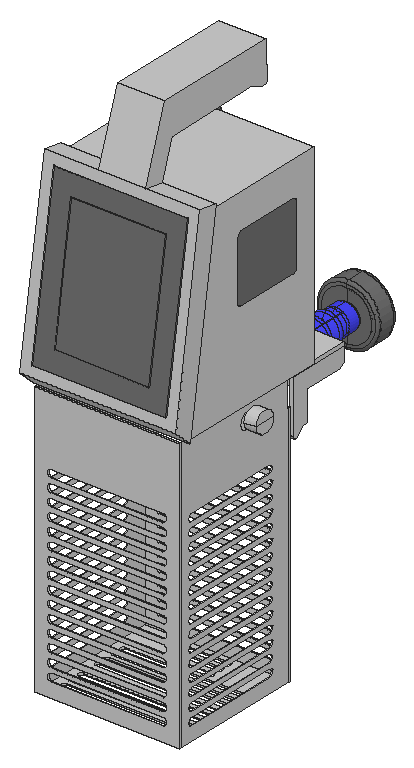
Revit family "SmartVide_XL_GENERADO", category Equipos especializados, Revit 2020
Family settings
  Cota de conector redondo = Diámetro de uso
  Tipo de pieza = Normal
  Número OmniClass = 23.21.21.13
  Se basa en plano de trabajo = No
  Siempre vertical = Sí
  Corte con vacíos al cargar = No
  Compartido = No
  Punto de cálculo de habitación = No
Parameters (values of type "SmartVide XL 230/50-60/1 UK")
  Width = 125 mm
  Weight in Pounds = 8.8
  Watts = 2600 W
  Volts = 230 V
  URL Cutsheet = "http://www.sammic.com/dl/470072/fca97/sammic-ps-1180404-smartvide-xl-230-50-60-1-uk-en.pdf"
  URL = "https://www.sammic.com/model/1180404"
  Specification by Manufacturer = "Commercial high-precision sous-vide cooker. Reliable, user-friendly, portable.\nInterchangeable between ºC and ºF.\n· Wireless / WIFI connectivity.\n· HACCP-ready.\n· Optional core probe and temperature control by core probe.\n· Firmware update.\n· 5\" colour touch screen."
  Show Logo [instance] = yes
  Show Clearances [instance] = yes
  Revision Code = "1"
  Phase = 1
  Modelo = "1180404"
  Height = 435 mm
  HP = "3.49"
  Foodservice Equipment Identifier = yes
  Fabricante = "SAMMIC S.L."
  FL Amps = 11 A
  Elevación por defecto = 0 mm
  Descripción = "SmartVide XL 230/50-60/1 UK"
  Depth = 148 mm
  Cycle = 50 Hz
  Conn Plug = "UK (BS 1363 13A / 2P+G)"
  Comentarios de tipo = "Maximum capacity: 120 l / 30 gal."
Types (5, lengths in mm): name | Volts | URL Cutsheet | URL | Modelo | Descripción | Conn Plug
  (no name) | 230 V | "http://www.sammic.com/dl/470072/fca97/sammic-ps-1180404-smartvide-xl-230-50-60-1-uk-en.pdf" | "https://www.sammic.com/model/1180404" | "1180404" | "SmartVide XL 230/50-60/1 UK" | "UK (BS 1363 13A / 2P+G)"
  SmartVide XL 208-240/50-60/1 | 208 V | "http://www.sammic.com/dl/468646/bbf14/sammic-ps-1180402-smartvide-xl-208-240-50-60-1-en.pdf" | "https://www.sammic.com/model/1180402" | "1180402" | "SmartVide XL 208-240/50-60/1" | "USA (NEMA 6-20P / 2P)"
  SmartVide XL 230/50-60/1 | 230 V | "http://www.sammic.com/dl/469718/db2ac/sammic-ps-1180400-smartvide-xl-230-50-60-1-en.pdf" | "https://www.sammic.com/model/1180400" | "1180400" | "SmartVide XL 230/50-60/1" | "EU (SCHUKO 2P+G)"
  SmartVide XL 230/50-60/1 UK | 230 V | "http://www.sammic.com/dl/470072/fca97/sammic-ps-1180404-smartvide-xl-230-50-60-1-uk-en.pdf" | "https://www.sammic.com/model/1180404" | "1180404" | "SmartVide XL 230/50-60/1 UK" | "UK (BS 1363 13A / 2P+G)"
  SmartVide XL 230/50-60/1 AUS | 230 V | "http://www.sammic.com/dl/470073/fd8b6/sammic-ps-1180406-smartvide-xl-230-50-60-1-aus-en.pdf" | "https://www.sammic.com/model/1180406" | "1180406" | "SmartVide XL 230/50-60/1 AUS" | "AUS"
Reference planes
  plane 1 "Centro (Frontal/Posterior)": y = 0
  plane 2: z = 0
  plane 3 "Centro (Izquierda/Derecha)": x = 0
Forms (mm)
  Revolve 1, solid
    sketch origin (0, 0, -12.909) x (1, 0, 0) y (0, 1, 0)
      loop
        line (-58.5, -34.216) -> (-68.5, -34.216) -> (-68.5, -42.618) -> (-58.5, -42.618) -> (-58.5, -34.216)
      loop
        line (58.5, -34.216) -> (58.5, -42.618) -> (68.5, -42.618) -> (68.5, -34.216) -> (58.5, -34.216)
      axis (-68.5, -42.618) -> (68.5, -42.618)
    angle from 0 to 360
  Extrusion 2, solid
    sketch origin (0, 0, 0) x (0, 1, 0) y (0, 0, 1)
      loop
        arc (-56.1, 128.174) -> (-58.221, 127.295) -> (-59.1, 125.174) r 3
        line (-59.1, 125.174) -> (-59.1, 76.974)
        arc (-59.1, 76.974) -> (-58.221, 74.853) -> (-56.1, 73.974) r 3
        line (-56.1, 73.974) -> (-3.9, 73.974)
        arc (-3.9, 73.974) -> (-1.779, 74.853) -> (-0.9, 76.974) r 3
        line (-0.9, 76.974) -> (-0.9, 125.174)
        arc (-0.9, 125.174) -> (-1.779, 127.295) -> (-3.9, 128.174) r 3
        line (-3.9, 128.174) -> (-56.1, 128.174)
    from 59 to 60
  Extrusion 3, solid
    sketch origin (0, 0, 0) x (1, 0, 0) y (0, 0, 1)
      loop
        circle (-36.499, 42.816) r 10
      loop
        circle (33.65, 49) r 13
      loop
        circle (34.65, 74) r 8.7
    from -32 to -17
  Extrusion 4, solid
    sketch origin (0, 0, 0) x (1, 0, 0) y (0, 0, 1)
      loop
        circle (-41.15, 137.074) r 3.8
    from -45.006 to -17
  Extrusion 5, solid
    sketch origin (-175.832, 112.254, -85.348) x (1, 0, 0) y (0, 0.161571, 0.986861)
      loop
        line (137.682, 186.892) -> (137.682, 81.992) -> (213.982, 81.992) -> (213.982, 186.892) -> (137.682, 186.892)
      loop
        line (229.732, 202.642) -> (121.932, 202.642) -> (121.932, 66.242) -> (229.732, 66.242) -> (229.732, 202.642)
    from 247 to 250
  Extrusion 6, solid
    sketch origin (-175.832, 112.254, -85.348) x (1, 0, 0) y (0, 0.161571, 0.986861)
      loop
        line (137.682, 81.992) -> (213.982, 81.992) -> (213.982, 186.892) -> (137.682, 186.892) -> (137.682, 81.992)
    from 247 to 250
Lines and regions (mm)
  symbolic lines, style "200-EquipBorder-2D"
    curve 1: line (-20.5, 60, 0) -> (-20.5, 56, 0)
    curve 2: arc (-20.5, 56, 0) -> (-21.964, 52.464, 0) -> (-25.5, 51, 0) r 5
    curve 3: line (-25.5, 51, 0) -> (-57.5, 51, 0)
    curve 4: line (-57.5, 51, 0) -> (-57.5, 19, 0)
    curve 5: line (-57.5, 19, 0) -> (-58.5, 19, 0)
    curve 6: line (-58.5, 19, 0) -> (-58.5, -25.301, 0)
    curve 7: line (-58.5, -25.301, 0) -> (-62.582, -25.301, 0)
    curve 8: line (-62.582, -25.301, 0) -> (-62.582, -34.253, 0)
    curve 9: line (-62.582, -34.253, 0) -> (-68.5, -34.253, 0)
    curve 10: line (-68.5, -34.253, 0) -> (-68.5, -51.02, 0)
    curve 11: line (-68.5, -51.02, 0) -> (-62.582, -51.02, 0)
    curve 12: line (-62.582, -51.02, 0) -> (-62.582, -125.049, 0)
    curve 13: line (-62.582, -125.049, 0) -> (62.582, -125.049, 0)
    curve 14: line (62.582, -125.049, 0) -> (62.582, -51.022, 0)
    curve 15: line (62.582, -51.022, 0) -> (68.5, -51.022, 0)
    curve 16: line (68.5, -51.022, 0) -> (68.5, -34.216, 0)
    curve 17: line (68.5, -34.216, 0) -> (62.582, -34.216, 0)
    curve 18: line (62.582, -34.216, 0) -> (62.582, -25.31, 0)
    curve 19: line (62.582, -25.31, 0) -> (58.5, -25.31, 0)
    curve 20: line (58.5, -25.31, 0) -> (58.5, 19, 0)
    curve 21: line (58.5, 19, 0) -> (57.5, 19, 0)
    curve 22: line (57.5, 19, 0) -> (57.5, 51, 0)
    curve 23: line (57.5, 51, 0) -> (25.5, 51, 0)
    curve 24: arc (25.5, 51, 0) -> (21.746, 52.681, 0) -> (20.5, 56.6, 0) r 5.032
    curve 25: line (20.5, 56.6, 0) -> (20.5, 60, 0)
    curve 26: line (-20.256, 125.27, 0) -> (-22.763, 125.712, 0)
    curve 27: arc (-22.763, 125.712, 0) -> (-24.332, 126.362, 0) -> (-24.982, 127.931, 0) r 2.219
    curve 28: line (-24.982, 127.931, 0) -> (-24.982, 141.308, 0)
    curve 29: arc (-24.982, 141.308, 0) -> (-24.278, 143.009, 0) -> (-22.576, 143.714, 0) r 2.406
    curve 30: line (-22.576, 143.714, 0) -> (-8.742, 146.161, 0)
    curve 31: line (-8.742, 146.161, 0) -> (8.742, 146.161, 0)
    curve 32: line (8.742, 146.161, 0) -> (22.623, 143.714, 0)
    curve 33: arc (22.623, 143.714, 0) -> (24.309, 143.015, 0) -> (25.008, 141.329, 0) r 2.384
    curve 34: line (25.008, 141.329, 0) -> (25.008, 127.939, 0)
    curve 35: arc (25.008, 127.939, 0) -> (24.518, 126.557, 0) -> (23.268, 125.791, 0) r 2.196
    curve 36: line (23.268, 125.791, 0) -> (20.256, 125.27, 0)
    curve 37: line (-20.256, 125.27, 0) -> (-10.882, 125.27, 0)
    curve 38: line (-10.882, 125.27, 0) -> (-10.882, 114.342, 0)
    curve 39: line (-10.267, 113.081, 0) -> (-7.099, 110.606, 0)
    curve 40: line (-7.099, 109.886, 0) -> (-11.954, 106.093, 0)
    curve 41: line (-11.954, 103.572, 0) -> (-7.143, 99.814, 0)
    curve 42: line (-7.143, 99.049, 0) -> (-11.972, 95.276, 0)
    curve 43: line (-11.972, 92.789, 0) -> (-7.116, 88.995, 0)
    curve 44: line (-7.116, 88.239, 0) -> (-11.943, 84.469, 0)
    curve 45: line (-11.943, 81.957, 0) -> (-7.122, 78.191, 0)
    curve 46: line (-7.122, 77.431, 0) -> (-11.969, 73.645, 0)
    curve 47: line (-11.969, 71.196, 0) -> (-6.959, 67.283, 0)
    curve 48: line (-6.586, 66.518, 0) -> (-6.586, 65.136, 0)
    curve 49: arc (-6.586, 65.136, 0) -> (-6.789, 64.474, 0) -> (-7.327, 64.038, 0) r 1.184
    curve 50: arc (-7.327, 64.038, 0) -> (-9.483, 62.127, 0) -> (-7.538, 60, 0) r 2.022
    curve 51: line (-7.538, 60, 0) -> (-20.5, 60, 0)
    curve 52: line (20.256, 125.27, 0) -> (10.908, 125.27, 0)
    curve 53: line (10.908, 125.27, 0) -> (10.908, 114.319, 0)
    curve 54: line (10.303, 113.079, 0) -> (7.133, 110.603, 0)
    curve 55: line (7.133, 109.857, 0) -> (11.966, 106.081, 0)
    curve 56: line (11.966, 103.581, 0) -> (7.152, 99.82, 0)
    curve 57: line (7.152, 99.025, 0) -> (11.933, 95.29, 0)
    curve 58: line (11.933, 92.719, 0) -> (7.13, 88.966, 0)
    curve 59: line (7.13, 88.239, 0) -> (11.943, 84.479, 0)
    curve 60: line (11.943, 81.957, 0) -> (7.141, 78.205, 0)
    curve 61: line (7.134, 77.493, 0) -> (11.952, 73.591, 0)
    curve 62: line (11.931, 71.142, 0) -> (7.012, 67.299, 0)
    curve 63: line (6.629, 66.514, 0) -> (6.629, 65.018, 0)
    curve 64: arc (6.629, 65.018, 0) -> (6.877, 64.355, 0) -> (7.5, 64.017, 0) r 1.012
    curve 65: arc (7.5, 64.017, 0) -> (9.509, 62.008, 0) -> (7.5, 60, 0) r 2.008
    curve 66: line (7.5, 60, 0) -> (20.5, 60, 0)
    curve 67: arc (-10.882, 114.342, 0) -> (-10.72, 113.641, 0) -> (-10.267, 113.081, 0) r 1.6
    curve 68: arc (-7.099, 110.606, 0) -> (-6.924, 110.246, 0) -> (-7.099, 109.886, 0) r 0.457
    curve 69: arc (-11.954, 106.093, 0) -> (-12.568, 104.833, 0) -> (-11.954, 103.572, 0) r 1.6
    curve 70: arc (-7.143, 99.814, 0) -> (-6.956, 99.431, 0) -> (-7.143, 99.049, 0) r 0.485
    curve 71: arc (-11.972, 95.276, 0) -> (-12.578, 94.033, 0) -> (-11.972, 92.789, 0) r 1.578
    curve 72: arc (-7.116, 88.995, 0) -> (-6.932, 88.617, 0) -> (-7.116, 88.239, 0) r 0.48
    curve 73: arc (-11.943, 84.469, 0) -> (-12.555, 83.213, 0) -> (-11.943, 81.957, 0) r 1.594
    curve 74: arc (-7.122, 78.191, 0) -> (-6.937, 77.811, 0) -> (-7.122, 77.431, 0) r 0.482
    curve 75: arc (-11.969, 73.645, 0) -> (-12.566, 72.421, 0) -> (-11.969, 71.196, 0) r 1.553
    curve 76: arc (-6.959, 67.283, 0) -> (-6.684, 66.943, 0) -> (-6.586, 66.518, 0) r 0.97
    curve 77: arc (7.012, 67.299, 0) -> (6.73, 66.951, 0) -> (6.629, 66.514, 0) r 0.996
    curve 78: arc (11.952, 73.591, 0) -> (12.532, 72.361, 0) -> (11.931, 71.142, 0) r 1.565
    curve 79: arc (7.141, 78.205, 0) -> (6.966, 77.851, 0) -> (7.134, 77.493, 0) r 0.455
    curve 80: arc (11.943, 84.479, 0) -> (12.558, 83.218, 0) -> (11.943, 81.957, 0) r 1.6
    curve 81: arc (7.13, 88.966, 0) -> (6.953, 88.602, 0) -> (7.13, 88.239, 0) r 0.462
    curve 82: arc (11.933, 95.29, 0) -> (12.56, 94.004, 0) -> (11.933, 92.719, 0) r 1.631
    curve 83: arc (7.152, 99.82, 0) -> (6.958, 99.422, 0) -> (7.152, 99.025, 0) r 0.505
    curve 84: arc (11.966, 106.081, 0) -> (12.576, 104.831, 0) -> (11.966, 103.581, 0) r 1.586
    curve 85: arc (7.133, 110.603, 0) -> (6.952, 110.23, 0) -> (7.133, 109.857, 0) r 0.473
    curve 86: arc (10.908, 114.319, 0) -> (10.748, 113.629, 0) -> (10.303, 113.079, 0) r 1.573
Dimensions and locks
  aligned and locked: level to plane 2
Nested families
  nested 1: "SmartVide_7_Separador" at (0, 18.75, 0), type "SmartVide_7_Separador"
    with Show Logo yes, Show Clearances yes
  nested 2: "SmartVide_X_Carcasa_Mando" at (-62.5, -341.736, -250.873), type "SmartVide_X_Carcasa_Mando"
    with Show Logo yes, Show Clearances yes
  nested 3: "SmartVide_X_Tapa" at (0, 17, -232.713), type "SmartVide_X_Tapa"
    with Show Logo yes, Show Clearances yes
  nested 4: "Interruptor" at (-1, -2, -17.926), type "Interruptor"
    with Show Logo yes, Show Clearances yes
  nested 5: "SmartVide_X_Max_Rejilla" at (0, -5.301, 0), type "SmartVide_X_Max_Rejilla"
    with Show Logo yes, Show Clearances yes
Connectors
  electrical at (-36.499, 32, 42.816)
    settings: on Extrusion 3, index 1, voltage 230 V, apparent load 0 VA, apparent load phase1 0 VA, apparent load phase2 0 VA, apparent load phase3 0 VA, power factor 1, load classification "Otro", number of poles 1, system type 31, power factor state 1, is connector primary yes, connector utility no, sub classification motor no, connector description "Conexiones eléctricas"
Definition of nested family "SmartVide_7_Separador"
  Parameters
    Show Logo [instance] = yes
    Show Clearances [instance] = yes
    Default Elevation = 0 mm
  Reference planes
    plane 1 "Centro (Frontal/Posterior)": y = 0
    plane 2: z = 0
    plane 3 "Centro (Izquierda/Derecha)": x = 0
    plane 4: through (119.793, -1524, 195.081) normal (0.8522, 0, -0.5233)
  Forms (mm)
    Extrusion 1, solid
      sketch origin (-221.675, -199.321, -250) x (1, 0, 0) y (0, 1, 0)
        loop
          line (164.175, 180.571) -> (279.175, 180.571) -> (279.175, 231.571) -> (247.175, 231.571)
          arc (247.175, 231.571) -> (243.428, 233.258) -> (242.175, 237.171) r 5.051
          line (242.175, 237.171) -> (242.175, 240.571) -> (201.175, 240.571) -> (201.175, 236.571)
          arc (201.175, 236.571) -> (199.71, 233.036) -> (196.175, 231.571) r 5
          line (196.175, 231.571) -> (164.175, 231.571) -> (164.175, 180.571)
      from 247 to 250
    Extrusion 2, solid
      sketch origin (-221.675, 462.343, -1387.742) x (0, 1, 0) y (0, 0, 1)
        loop
          line (-481.093, 1384.742) -> (-481.093, 1341.571)
          arc (-481.093, 1341.571) -> (-479.859, 1339.723) -> (-477.679, 1340.156) r 2
          line (-477.679, 1340.156) -> (-472.093, 1345.742) -> (-468.093, 1345.742) -> (-468.093, 1370.742) -> (-435.093, 1370.742)
          arc (-435.093, 1370.742) -> (-431.558, 1372.207) -> (-430.093, 1375.742) r 5
          line (-430.093, 1375.742) -> (-430.093, 1384.742) -> (-481.093, 1384.742)
      from 164.175 to 167.175
    Extrusion 3, solid
      sketch origin (-109.675, 462.343, -1387.742) x (0, 1, 0) y (0, 0, 1)
        loop
          line (-481.093, 1384.742) -> (-481.093, 1341.571)
          arc (-481.093, 1341.571) -> (-479.859, 1339.723) -> (-477.679, 1340.156) r 2
          line (-477.679, 1340.156) -> (-472.093, 1345.742) -> (-468.093, 1345.742) -> (-468.093, 1370.742) -> (-435.093, 1370.742)
          arc (-435.093, 1370.742) -> (-431.558, 1372.207) -> (-430.093, 1375.742) r 5
          line (-430.093, 1375.742) -> (-430.093, 1384.742) -> (-481.093, 1384.742)
      from 164.175 to 167.175
    Extrusion 4, solid
      sketch origin (-189.518, 0, -992.037) x (1, 0, 0) y (0, 0, 1)
        loop
          arc (169.018, 946.037) -> (170.482, 942.501) -> (174.018, 941.037) r 5
          line (174.018, 941.037) -> (205.018, 941.037)
          arc (205.018, 941.037) -> (208.553, 942.501) -> (210.018, 946.037) r 5
          line (210.018, 946.037) -> (210.018, 989.037) -> (169.018, 989.037) -> (169.018, 946.037)
        loop
          circle (189.518, 958.037) r 5.5
      from -41.25 to -38.25
    Revolve 5, solid
      sketch origin (0, 462.343, -1387.742) x (0, 1, 0) y (0, 0, 1)
        loop
          line (-334.932, 1353.742) -> (-334.932, 1362.484) -> (-337.38, 1376.365)
          arc (-337.38, 1376.365) -> (-338.073, 1378.04) -> (-339.748, 1378.734) r 2.368
          line (-339.748, 1378.734) -> (-353.037, 1378.734)
          arc (-353.037, 1378.734) -> (-354.532, 1378.19) -> (-355.327, 1376.813) r 2.325
          line (-355.327, 1376.813) -> (-355.823, 1373.998) -> (-355.823, 1364.24) -> (-357.093, 1364.24) -> (-357.093, 1356.992) -> (-424.093, 1356.992) -> (-424.093, 1360.223) -> (-434.093, 1360.223) -> (-435.093, 1359.223) -> (-436.843, 1358.742) -> (-438.6, 1358.742) -> (-438.6, 1357.742) -> (-468.093, 1357.742) -> (-468.093, 1353.742) -> (-334.932, 1353.742)
        axis (-334.932, 1353.742) -> (-468.093, 1353.742)
      angle from 0 to 360
    Revolve 6, solid
      sketch origin (0, 462.343, -1387.742) x (0, 1, 0) y (0, 0, 1)
        loop
          line (-357.093, 1356.995) -> (-357.093, 1364.592) -> (-366.784, 1364.592)
          arc (-366.784, 1364.592) -> (-367.486, 1364.43) -> (-368.045, 1363.977) r 1.6
          line (-368.045, 1363.977) -> (-370.458, 1360.889)
          arc (-370.458, 1360.889) -> (-370.852, 1360.697) -> (-371.246, 1360.889) r 0.5
          line (-371.246, 1360.889) -> (-374.997, 1365.69)
          arc (-374.997, 1365.69) -> (-376.258, 1366.305) -> (-377.519, 1365.69) r 1.6
          line (-377.519, 1365.69) -> (-381.269, 1360.889)
          arc (-381.269, 1360.889) -> (-381.663, 1360.697) -> (-382.057, 1360.889) r 0.5
          line (-382.057, 1360.889) -> (-385.808, 1365.69)
          arc (-385.808, 1365.69) -> (-387.069, 1366.305) -> (-388.33, 1365.69) r 1.6
          line (-388.33, 1365.69) -> (-392.081, 1360.889)
          arc (-392.081, 1360.889) -> (-392.475, 1360.697) -> (-392.869, 1360.889) r 0.5
          line (-392.869, 1360.889) -> (-396.62, 1365.69)
          arc (-396.62, 1365.69) -> (-397.88, 1366.305) -> (-399.141, 1365.69) r 1.6
          line (-399.141, 1365.69) -> (-402.892, 1360.889)
          arc (-402.892, 1360.889) -> (-403.286, 1360.697) -> (-403.68, 1360.889) r 0.5
          line (-403.68, 1360.889) -> (-407.431, 1365.69)
          arc (-407.431, 1365.69) -> (-408.692, 1366.305) -> (-409.953, 1365.69) r 1.6
          line (-409.953, 1365.69) -> (-413.83, 1360.727)
          arc (-413.83, 1360.727) -> (-414.18, 1360.443) -> (-414.618, 1360.342) r 1
          line (-414.618, 1360.342) -> (-416.095, 1360.342)
          arc (-416.095, 1360.342) -> (-416.79, 1360.623) -> (-417.094, 1361.309) r 1
          arc (-417.094, 1361.309) -> (-419.127, 1363.242) -> (-421.093, 1361.242) r 2
          line (-421.093, 1361.242) -> (-421.093, 1356.995) -> (-357.093, 1356.995)
        axis (-357.093, 1353.742) -> (-421.093, 1353.742)
      angle from 0 to 360
  Dimensions and locks
    aligned and locked: level to plane 2
Definition of nested family "SmartVide_X_Carcasa_Mando"
  Parameters (values of type "SmartVide_X_Carcasa_Mando")
    Show Logo [instance] = yes
    Show Clearances [instance] = yes
    Default Elevation = 0 mm
  Reference planes
    plane 1 "Centro (Frontal/Posterior)": y = 0
    plane 2: z = 0
    plane 3 "Centro (Izquierda/Derecha)": x = 0
  Forms (mm)
    Extrusion 1, solid
      sketch origin (0, 3.084, -2.806) x (0, 0.999925, 0.012251) y (0, -0.012251, 0.999925)
        loop
          line (243.324, 414.106) -> (216.854, 263.991) -> (230.551, 250.293) -> (258.975, 411.495) -> (243.324, 414.106)
      from 0 to 125
    Extrusion 2, solid
      sketch origin (0, 3.084, -2.806) x (0, 0.999925, 0.012251) y (0, -0.012251, 0.999925)
        loop
          line (243.324, 414.106) -> (258.975, 411.495) -> (267.59, 435.164) -> (269.221, 439.644) -> (347.453, 440.326)
          arc (347.453, 440.326) -> (351.403, 439.832) -> (355.084, 438.317) r 15
          line (355.084, 438.317) -> (358.718, 436.218)
          arc (358.718, 436.218) -> (359.924, 435.719) -> (361.218, 435.549) r 5
          line (361.218, 435.549) -> (363.378, 435.549)
          arc (363.378, 435.549) -> (364.439, 435.988) -> (364.878, 437.049) r 1.5
          line (364.878, 437.049) -> (364.878, 461.094) -> (364.878, 467.619) -> (263.124, 468.507) -> (243.324, 414.106)
      from 43.5 to 81.5
    Extrusion 3, void
      sketch origin (0, 3.084, -2.806) x (0, 0.999925, 0.012251) y (0, -0.012251, 0.999925)
        loop
          line (218.135, 271.256) -> (221.156, 270.724) -> (244.911, 405.445) -> (241.89, 405.978) -> (218.135, 271.256)
      from 8.373 to 116.627
  Cuts and joins
    Extrusion 3 cuts Extrusion 1
  Dimensions and locks
    aligned and locked: level to plane 2
Definition of nested family "SmartVide_X_Tapa"
  Parameters (values of type "SmartVide_X_Tapa")
    Show Logo [instance] = yes
    Show Clearances [instance] = yes
    Default Elevation = 0 mm
  Reference planes
    plane 1 "Centro (Frontal/Posterior)": y = 0
    plane 2: z = 0
    plane 3 "Centro (Izquierda/Derecha)": x = 0
  Forms (mm)
    Extrusion 1, solid
      sketch origin (0, -367.338, 0) x (0, 1, 0) y (0, 0, 1)
        loop
          line (367.338, 388.785) -> (264.819, 388.785) -> (239.418, 233.634) -> (240.338, 232.713) -> (367.338, 232.713) -> (367.338, 388.785)
      from -60 to 60
    Extrusion 2, void
      sketch origin (0, -367.338, 0) x (0, 1, 0) y (0, 0, 1)
        loop
          line (291.238, 357.887) -> (291.238, 309.687)
          arc (291.238, 309.687) -> (292.117, 307.566) -> (294.238, 306.687) r 3
          line (294.238, 306.687) -> (346.438, 306.687)
          arc (346.438, 306.687) -> (348.56, 307.566) -> (349.438, 309.687) r 3
          line (349.438, 309.687) -> (349.438, 357.887)
          arc (349.438, 357.887) -> (348.56, 360.009) -> (346.438, 360.887) r 3
          line (346.438, 360.887) -> (294.238, 360.887)
          arc (294.238, 360.887) -> (292.117, 360.009) -> (291.238, 357.887) r 3
      from 59 to 60
  Cuts and joins
    Extrusion 2 cuts Extrusion 1
  Dimensions and locks
    aligned and locked: level to plane 2
Definition of nested family "Interruptor"
  Parameters (values of type "Interruptor")
    Show Logo [instance] = yes
    Show Clearances [instance] = yes
    Default Elevation = 0 mm
  Reference planes
    plane 1 "Centro (Frontal/Posterior)": y = 0
    plane 2: z = 0
    plane 3 "Centro (Izquierda/Derecha)": x = 0
  Forms (mm)
    Extrusion 1, solid
      sketch origin (0, 0, 0) x (1, 0, 0) y (0, 0, 1)
        loop
          line (-47.4, 120.795) -> (-47.4, 88.795) -> (-22.4, 88.795) -> (-22.4, 120.795) -> (-47.4, 120.795)
      from -21 to -19
    Extrusion 2, solid
      sketch origin (0, 0, 0) x (0, 1, 0) y (0, 0, 1)
        loop
          line (21, 116.295) -> (21, 93.295) -> (22, 93.295) -> (22, 104.795) -> (26.5, 114.995) -> (21, 116.295)
      from -42.9 to -26.9
  Dimensions and locks
    aligned and locked: level to plane 2
Definition of nested family "SmartVide_X_Max_Rejilla"
  Parameters (values of type "SmartVide_X_Max_Rejilla")
    Show Logo [instance] = yes
    Show Clearances [instance] = yes
    Default Elevation = 0 mm
  Reference planes
    plane 1 "Centro (Frontal/Posterior)": y = 0
    plane 2: z = 0
    plane 3 "Centro (Izquierda/Derecha)": x = 0
    plane 4: y = -20.5
    plane 5: y = -98.5
  Forms (mm)
    Extrusion 1, solid
      sketch origin (0, 140, 0) x (1, 0, 0) y (0, 0, 1)
        loop
          line (-58.5, -219.75) -> (58.5, -219.75) -> (58.5, 0) -> (-58.5, 0) -> (-58.5, -219.75)
        loop
          arc (-44.5, -54.75) -> (-48, -58.25) -> (-44.5, -61.75) r 3.5
          line (-44.5, -61.75) -> (44.5, -61.75)
          arc (44.5, -61.75) -> (48, -58.25) -> (44.5, -54.75) r 3.5
          line (44.5, -54.75) -> (-44.5, -54.75)
        loop
          arc (-44.5, -65.25) -> (-48, -68.75) -> (-44.5, -72.25) r 3.5
          line (-44.5, -72.25) -> (44.5, -72.25)
          arc (44.5, -72.25) -> (48, -68.75) -> (44.5, -65.25) r 3.5
          line (44.5, -65.25) -> (-44.5, -65.25)
        loop
          arc (-44.5, -75.75) -> (-48, -79.25) -> (-44.5, -82.75) r 3.5
          line (-44.5, -82.75) -> (44.5, -82.75)
          arc (44.5, -82.75) -> (48, -79.25) -> (44.5, -75.75) r 3.5
          line (44.5, -75.75) -> (-44.5, -75.75)
        loop
          arc (-44.5, -86.25) -> (-48, -89.75) -> (-44.5, -93.25) r 3.5
          line (-44.5, -93.25) -> (44.5, -93.25)
          arc (44.5, -93.25) -> (48, -89.75) -> (44.5, -86.25) r 3.5
          line (44.5, -86.25) -> (-44.5, -86.25)
        loop
          arc (-44.5, -96.75) -> (-48, -100.25) -> (-44.5, -103.75) r 3.5
          line (-44.5, -103.75) -> (44.5, -103.75)
          arc (44.5, -103.75) -> (48, -100.25) -> (44.5, -96.75) r 3.5
          line (44.5, -96.75) -> (-44.5, -96.75)
        loop
          arc (-44.5, -107.25) -> (-48, -110.75) -> (-44.5, -114.25) r 3.5
          line (-44.5, -114.25) -> (44.5, -114.25)
          arc (44.5, -114.25) -> (48, -110.75) -> (44.5, -107.25) r 3.5
          line (44.5, -107.25) -> (-44.5, -107.25)
        loop
          arc (-44.5, -117.75) -> (-48, -121.25) -> (-44.5, -124.75) r 3.5
          line (-44.5, -124.75) -> (44.5, -124.75)
          arc (44.5, -124.75) -> (48, -121.25) -> (44.5, -117.75) r 3.5
          line (44.5, -117.75) -> (-44.5, -117.75)
        loop
          arc (-44.5, -128.25) -> (-48, -131.75) -> (-44.5, -135.25) r 3.5
          line (-44.5, -135.25) -> (44.5, -135.25)
          arc (44.5, -135.25) -> (48, -131.75) -> (44.5, -128.25) r 3.5
          line (44.5, -128.25) -> (-44.5, -128.25)
        loop
          arc (-44.5, -138.75) -> (-48, -142.25) -> (-44.5, -145.75) r 3.5
          line (-44.5, -145.75) -> (44.5, -145.75)
          arc (44.5, -145.75) -> (48, -142.25) -> (44.5, -138.75) r 3.5
          line (44.5, -138.75) -> (-44.5, -138.75)
        loop
          arc (-44.5, -149.25) -> (-48, -152.75) -> (-44.5, -156.25) r 3.5
          line (-44.5, -156.25) -> (44.5, -156.25)
          arc (44.5, -156.25) -> (48, -152.75) -> (44.5, -149.25) r 3.5
          line (44.5, -149.25) -> (-44.5, -149.25)
      from 250 to 249
    Extrusion 2, solid
      sketch origin (0, 249, 0) x (1, 0, 0) y (0, 0, 1)
        loop
          line (-58.5, -219.75) -> (58.5, -219.75) -> (58.5, -21.513) -> (-58.5, -21.513) -> (-58.5, -219.75)
        loop
          arc (-44.5, -54.75) -> (-48, -58.25) -> (-44.5, -61.75) r 3.5
          line (-44.5, -61.75) -> (44.5, -61.75)
          arc (44.5, -61.75) -> (48, -58.25) -> (44.5, -54.75) r 3.5
          line (44.5, -54.75) -> (-44.5, -54.75)
        loop
          arc (-44.5, -65.25) -> (-48, -68.75) -> (-44.5, -72.25) r 3.5
          line (-44.5, -72.25) -> (44.5, -72.25)
          arc (44.5, -72.25) -> (48, -68.75) -> (44.5, -65.25) r 3.5
          line (44.5, -65.25) -> (-44.5, -65.25)
        loop
          arc (-44.5, -75.75) -> (-48, -79.25) -> (-44.5, -82.75) r 3.5
          line (-44.5, -82.75) -> (44.5, -82.75)
          arc (44.5, -82.75) -> (48, -79.25) -> (44.5, -75.75) r 3.5
          line (44.5, -75.75) -> (-44.5, -75.75)
        loop
          arc (-44.5, -86.25) -> (-48, -89.75) -> (-44.5, -93.25) r 3.5
          line (-44.5, -93.25) -> (44.5, -93.25)
          arc (44.5, -93.25) -> (48, -89.75) -> (44.5, -86.25) r 3.5
          line (44.5, -86.25) -> (-44.5, -86.25)
        loop
          arc (-44.5, -96.75) -> (-48, -100.25) -> (-44.5, -103.75) r 3.5
          line (-44.5, -103.75) -> (44.5, -103.75)
          arc (44.5, -103.75) -> (48, -100.25) -> (44.5, -96.75) r 3.5
          line (44.5, -96.75) -> (-44.5, -96.75)
        loop
          arc (-44.5, -107.25) -> (-48, -110.75) -> (-44.5, -114.25) r 3.5
          line (-44.5, -114.25) -> (44.5, -114.25)
          arc (44.5, -114.25) -> (48, -110.75) -> (44.5, -107.25) r 3.5
          line (44.5, -107.25) -> (-44.5, -107.25)
        loop
          arc (-44.5, -117.75) -> (-48, -121.25) -> (-44.5, -124.75) r 3.5
          line (-44.5, -124.75) -> (44.5, -124.75)
          arc (44.5, -124.75) -> (48, -121.25) -> (44.5, -117.75) r 3.5
          line (44.5, -117.75) -> (-44.5, -117.75)
        loop
          arc (-44.5, -128.25) -> (-48, -131.75) -> (-44.5, -135.25) r 3.5
          line (-44.5, -135.25) -> (44.5, -135.25)
          arc (44.5, -135.25) -> (48, -131.75) -> (44.5, -128.25) r 3.5
          line (44.5, -128.25) -> (-44.5, -128.25)
        loop
          arc (-44.5, -138.75) -> (-48, -142.25) -> (-44.5, -145.75) r 3.5
          line (-44.5, -145.75) -> (44.5, -145.75)
          arc (44.5, -145.75) -> (48, -142.25) -> (44.5, -138.75) r 3.5
          line (44.5, -138.75) -> (-44.5, -138.75)
        loop
          arc (-44.5, -149.25) -> (-48, -152.75) -> (-44.5, -156.25) r 3.5
          line (-44.5, -156.25) -> (44.5, -156.25)
          arc (44.5, -156.25) -> (48, -152.75) -> (44.5, -149.25) r 3.5
          line (44.5, -149.25) -> (-44.5, -149.25)
      from 250 to 249
    Extrusion 3, solid
      sketch origin (0, 114.758, 0) x (0, 1, 0) y (0, 0, 1)
        loop
          line (-223.758, 0) -> (-223.758, -219.75) -> (-115.758, -219.75) -> (-115.758, -21.75) -> (-117.758, -21.75) -> (-117.758, 0) -> (-223.758, 0)
        loop
          line (-135.258, -54.75) -> (-213.258, -54.75)
          arc (-213.258, -54.75) -> (-216.758, -58.25) -> (-213.258, -61.75) r 3.5
          line (-213.258, -61.75) -> (-135.258, -61.75)
          arc (-135.258, -61.75) -> (-131.758, -58.25) -> (-135.258, -54.75) r 3.5
        loop
          line (-135.258, -65.25) -> (-213.258, -65.25)
          arc (-213.258, -65.25) -> (-216.758, -68.75) -> (-213.258, -72.25) r 3.5
          line (-213.258, -72.25) -> (-135.258, -72.25)
          arc (-135.258, -72.25) -> (-131.758, -68.75) -> (-135.258, -65.25) r 3.5
        loop
          line (-135.258, -75.75) -> (-213.258, -75.75)
          arc (-213.258, -75.75) -> (-216.758, -79.25) -> (-213.258, -82.75) r 3.5
          line (-213.258, -82.75) -> (-135.258, -82.75)
          arc (-135.258, -82.75) -> (-131.758, -79.25) -> (-135.258, -75.75) r 3.5
        loop
          line (-135.258, -86.25) -> (-213.258, -86.25)
          arc (-213.258, -86.25) -> (-216.758, -89.75) -> (-213.258, -93.25) r 3.5
          line (-213.258, -93.25) -> (-135.258, -93.25)
          arc (-135.258, -93.25) -> (-131.758, -89.75) -> (-135.258, -86.25) r 3.5
        loop
          line (-135.258, -96.75) -> (-213.258, -96.75)
          arc (-213.258, -96.75) -> (-216.758, -100.25) -> (-213.258, -103.75) r 3.5
          line (-213.258, -103.75) -> (-135.258, -103.75)
          arc (-135.258, -103.75) -> (-131.758, -100.25) -> (-135.258, -96.75) r 3.5
        loop
          line (-135.258, -107.25) -> (-213.258, -107.25)
          arc (-213.258, -107.25) -> (-216.758, -110.75) -> (-213.258, -114.25) r 3.5
          line (-213.258, -114.25) -> (-135.258, -114.25)
          arc (-135.258, -114.25) -> (-131.758, -110.75) -> (-135.258, -107.25) r 3.5
        loop
          line (-135.258, -117.75) -> (-213.258, -117.75)
          arc (-213.258, -117.75) -> (-216.758, -121.25) -> (-213.258, -124.75) r 3.5
          line (-213.258, -124.75) -> (-135.258, -124.75)
          arc (-135.258, -124.75) -> (-131.758, -121.25) -> (-135.258, -117.75) r 3.5
        loop
          line (-135.258, -128.25) -> (-213.258, -128.25)
          arc (-213.258, -128.25) -> (-216.758, -131.75) -> (-213.258, -135.25) r 3.5
          line (-213.258, -135.25) -> (-135.258, -135.25)
          arc (-135.258, -135.25) -> (-131.758, -131.75) -> (-135.258, -128.25) r 3.5
        loop
          line (-135.258, -138.75) -> (-213.258, -138.75)
          arc (-213.258, -138.75) -> (-216.758, -142.25) -> (-213.258, -145.75) r 3.5
          line (-213.258, -145.75) -> (-135.258, -145.75)
          arc (-135.258, -145.75) -> (-131.758, -142.25) -> (-135.258, -138.75) r 3.5
        loop
          line (-135.258, -149.25) -> (-213.258, -149.25)
          arc (-213.258, -149.25) -> (-216.758, -152.75) -> (-213.258, -156.25) r 3.5
          line (-213.258, -156.25) -> (-135.258, -156.25)
          arc (-135.258, -156.25) -> (-131.758, -152.75) -> (-135.258, -149.25) r 3.5
        loop
          circle (-157.376, -13) r 7
      from 57.5 to 58.5
    Extrusion 4, solid
      sketch origin (-116, 114.758, 0) x (0, 1, 0) y (0, 0, 1)
        loop
          line (-223.758, 0) -> (-223.758, -219.75) -> (-115.758, -219.75) -> (-115.758, -21.75) -> (-117.758, -21.75) -> (-117.758, 0) -> (-223.758, 0)
        loop
          line (-135.258, -54.75) -> (-213.258, -54.75)
          arc (-213.258, -54.75) -> (-216.758, -58.25) -> (-213.258, -61.75) r 3.5
          line (-213.258, -61.75) -> (-135.258, -61.75)
          arc (-135.258, -61.75) -> (-131.758, -58.25) -> (-135.258, -54.75) r 3.5
        loop
          line (-135.258, -65.25) -> (-213.258, -65.25)
          arc (-213.258, -65.25) -> (-216.758, -68.75) -> (-213.258, -72.25) r 3.5
          line (-213.258, -72.25) -> (-135.258, -72.25)
          arc (-135.258, -72.25) -> (-131.758, -68.75) -> (-135.258, -65.25) r 3.5
        loop
          line (-135.258, -75.75) -> (-213.258, -75.75)
          arc (-213.258, -75.75) -> (-216.758, -79.25) -> (-213.258, -82.75) r 3.5
          line (-213.258, -82.75) -> (-135.258, -82.75)
          arc (-135.258, -82.75) -> (-131.758, -79.25) -> (-135.258, -75.75) r 3.5
        loop
          line (-135.258, -86.25) -> (-213.258, -86.25)
          arc (-213.258, -86.25) -> (-216.758, -89.75) -> (-213.258, -93.25) r 3.5
          line (-213.258, -93.25) -> (-135.258, -93.25)
          arc (-135.258, -93.25) -> (-131.758, -89.75) -> (-135.258, -86.25) r 3.5
        loop
          line (-135.258, -96.75) -> (-213.258, -96.75)
          arc (-213.258, -96.75) -> (-216.758, -100.25) -> (-213.258, -103.75) r 3.5
          line (-213.258, -103.75) -> (-135.258, -103.75)
          arc (-135.258, -103.75) -> (-131.758, -100.25) -> (-135.258, -96.75) r 3.5
        loop
          line (-135.258, -107.25) -> (-213.258, -107.25)
          arc (-213.258, -107.25) -> (-216.758, -110.75) -> (-213.258, -114.25) r 3.5
          line (-213.258, -114.25) -> (-135.258, -114.25)
          arc (-135.258, -114.25) -> (-131.758, -110.75) -> (-135.258, -107.25) r 3.5
        loop
          line (-135.258, -117.75) -> (-213.258, -117.75)
          arc (-213.258, -117.75) -> (-216.758, -121.25) -> (-213.258, -124.75) r 3.5
          line (-213.258, -124.75) -> (-135.258, -124.75)
          arc (-135.258, -124.75) -> (-131.758, -121.25) -> (-135.258, -117.75) r 3.5
        loop
          line (-135.258, -128.25) -> (-213.258, -128.25)
          arc (-213.258, -128.25) -> (-216.758, -131.75) -> (-213.258, -135.25) r 3.5
          line (-213.258, -135.25) -> (-135.258, -135.25)
          arc (-135.258, -135.25) -> (-131.758, -131.75) -> (-135.258, -128.25) r 3.5
        loop
          line (-135.258, -138.75) -> (-213.258, -138.75)
          arc (-213.258, -138.75) -> (-216.758, -142.25) -> (-213.258, -145.75) r 3.5
          line (-213.258, -145.75) -> (-135.258, -145.75)
          arc (-135.258, -145.75) -> (-131.758, -142.25) -> (-135.258, -138.75) r 3.5
        loop
          line (-135.258, -149.25) -> (-213.258, -149.25)
          arc (-213.258, -149.25) -> (-216.758, -152.75) -> (-213.258, -156.25) r 3.5
          line (-213.258, -156.25) -> (-135.258, -156.25)
          arc (-135.258, -156.25) -> (-131.758, -152.75) -> (-135.258, -149.25) r 3.5
        loop
          circle (-157.376, -13) r 7
      from 57.5 to 58.5
    Extrusion 5, solid
      sketch origin (-181.507, -189.523, -50) x (1, 0, 0) y (0, 1, 0)
        loop
          line (124.007, 188.523) -> (124.007, 80.523) -> (239.007, 80.523) -> (239.007, 188.523) -> (124.007, 188.523)
        loop
          arc (165.507, 183.223) -> (163.007, 180.723) -> (165.507, 178.223) r 2.5
          line (165.507, 178.223) -> (197.507, 178.223)
          arc (197.507, 178.223) -> (200.007, 180.723) -> (197.507, 183.223) r 2.5
          line (197.507, 183.223) -> (165.507, 183.223)
        loop
          arc (165.507, 174.723) -> (163.007, 172.223) -> (165.507, 169.723) r 2.5
          line (165.507, 169.723) -> (197.507, 169.723)
          arc (197.507, 169.723) -> (200.007, 172.223) -> (197.507, 174.723) r 2.5
          line (197.507, 174.723) -> (165.507, 174.723)
        loop
          arc (165.507, 166.223) -> (163.007, 163.723) -> (165.507, 161.223) r 2.5
          line (165.507, 161.223) -> (197.507, 161.223)
          arc (197.507, 161.223) -> (200.007, 163.723) -> (197.507, 166.223) r 2.5
          line (197.507, 166.223) -> (165.507, 166.223)
        loop
          arc (134.007, 157.723) -> (131.507, 155.223) -> (134.007, 152.723) r 2.5
          line (134.007, 152.723) -> (229.007, 152.723)
          arc (229.007, 152.723) -> (231.507, 155.223) -> (229.007, 157.723) r 2.5
          line (229.007, 157.723) -> (134.007, 157.723)
        loop
          arc (134.007, 149.223) -> (131.507, 146.723) -> (134.007, 144.223) r 2.5
          line (134.007, 144.223) -> (229.007, 144.223)
          arc (229.007, 144.223) -> (231.507, 146.723) -> (229.007, 149.223) r 2.5
          line (229.007, 149.223) -> (134.007, 149.223)
        loop
          arc (134.007, 140.723) -> (131.507, 138.223) -> (134.007, 135.723) r 2.5
          line (134.007, 135.723) -> (229.007, 135.723)
          arc (229.007, 135.723) -> (231.507, 138.223) -> (229.007, 140.723) r 2.5
          line (229.007, 140.723) -> (134.007, 140.723)
        loop
          arc (134.007, 132.223) -> (131.507, 129.723) -> (134.007, 127.223) r 2.5
          line (134.007, 127.223) -> (229.007, 127.223)
          arc (229.007, 127.223) -> (231.507, 129.723) -> (229.007, 132.223) r 2.5
          line (229.007, 132.223) -> (134.007, 132.223)
        loop
          arc (134.007, 123.723) -> (131.507, 121.223) -> (134.007, 118.723) r 2.5
          line (134.007, 118.723) -> (229.007, 118.723)
          arc (229.007, 118.723) -> (231.507, 121.223) -> (229.007, 123.723) r 2.5
          line (229.007, 123.723) -> (134.007, 123.723)
        loop
          arc (134.007, 115.223) -> (131.507, 112.723) -> (134.007, 110.223) r 2.5
          line (134.007, 110.223) -> (229.007, 110.223)
          arc (229.007, 110.223) -> (231.507, 112.723) -> (229.007, 115.223) r 2.5
          line (229.007, 115.223) -> (134.007, 115.223)
        loop
          arc (134.007, 106.723) -> (131.507, 104.223) -> (134.007, 101.723) r 2.5
          line (134.007, 101.723) -> (229.007, 101.723)
          arc (229.007, 101.723) -> (231.507, 104.223) -> (229.007, 106.723) r 2.5
          line (229.007, 106.723) -> (134.007, 106.723)
        loop
          arc (134.007, 98.223) -> (131.507, 95.723) -> (134.007, 93.223) r 2.5
          line (134.007, 93.223) -> (229.007, 93.223)
          arc (229.007, 93.223) -> (231.507, 95.723) -> (229.007, 98.223) r 2.5
          line (229.007, 98.223) -> (134.007, 98.223)
        loop
          arc (134.007, 89.723) -> (131.507, 87.223) -> (134.007, 84.723) r 2.5
          line (134.007, 84.723) -> (229.007, 84.723)
          arc (229.007, 84.723) -> (231.507, 87.223) -> (229.007, 89.723) r 2.5
          line (229.007, 89.723) -> (134.007, 89.723)
      from -169.75 to -168.75
    Extrusion 6, void
      sketch origin (0, 0, 0) x (1, 0, 0) y (0, 0, 1)
        loop
          arc (-44.5, -159.75) -> (-48, -163.25) -> (-44.5, -166.75) r 3.5
          line (-44.5, -166.75) -> (44.5, -166.75)
          arc (44.5, -166.75) -> (48, -163.25) -> (44.5, -159.75) r 3.5
          line (44.5, -159.75) -> (-44.5, -159.75)
        loop
          arc (-44.5, -170.25) -> (-48, -173.75) -> (-44.5, -177.25) r 3.5
          line (-44.5, -177.25) -> (44.5, -177.25)
          arc (44.5, -177.25) -> (48, -173.75) -> (44.5, -170.25) r 3.5
          line (44.5, -170.25) -> (-44.5, -170.25)
        loop
          arc (-44.5, -180.75) -> (-48, -184.25) -> (-44.5, -187.75) r 3.5
          line (-44.5, -187.75) -> (44.5, -187.75)
          arc (44.5, -187.75) -> (48, -184.25) -> (44.5, -180.75) r 3.5
          line (44.5, -180.75) -> (-44.5, -180.75)
        loop
          arc (-44.5, -191.25) -> (-48, -194.75) -> (-44.5, -198.25) r 3.5
          line (-44.5, -198.25) -> (44.5, -198.25)
          arc (44.5, -198.25) -> (48, -194.75) -> (44.5, -191.25) r 3.5
          line (44.5, -191.25) -> (-44.5, -191.25)
        loop
          arc (-44.5, -201.75) -> (-48, -205.25) -> (-44.5, -208.75) r 3.5
          line (-44.5, -208.75) -> (44.5, -208.75)
          arc (44.5, -208.75) -> (48, -205.25) -> (44.5, -201.75) r 3.5
          line (44.5, -201.75) -> (-44.5, -201.75)
      from 0 to 110
    Extrusion 7, void
      sketch origin (0, 0, 0) x (0, 1, 0) y (0, 0, 1)
        loop
          arc (-98.5, -159.75) -> (-102, -163.25) -> (-98.5, -166.75) r 3.5
          line (-98.5, -166.75) -> (-20.5, -166.75)
          arc (-20.5, -166.75) -> (-17, -163.25) -> (-20.5, -159.75) r 3.5
          line (-20.5, -159.75) -> (-98.5, -159.75)
        loop
          arc (-98.5, -170.25) -> (-102, -173.75) -> (-98.5, -177.25) r 3.5
          line (-98.5, -177.25) -> (-20.5, -177.25)
          arc (-20.5, -177.25) -> (-17, -173.75) -> (-20.5, -170.25) r 3.5
          line (-20.5, -170.25) -> (-98.5, -170.25)
        loop
          arc (-98.5, -180.75) -> (-102, -184.25) -> (-98.5, -187.75) r 3.5
          line (-98.5, -187.75) -> (-20.5, -187.75)
          arc (-20.5, -187.75) -> (-17, -184.25) -> (-20.5, -180.75) r 3.5
          line (-20.5, -180.75) -> (-98.5, -180.75)
        loop
          arc (-98.5, -191.25) -> (-102, -194.75) -> (-98.5, -198.25) r 3.5
          line (-98.5, -198.25) -> (-20.5, -198.25)
          arc (-20.5, -198.25) -> (-17, -194.75) -> (-20.5, -191.25) r 3.5
          line (-20.5, -191.25) -> (-98.5, -191.25)
        loop
          arc (-98.5, -201.75) -> (-102, -205.25) -> (-98.5, -208.75) r 3.5
          line (-98.5, -208.75) -> (-20.5, -208.75)
          arc (-20.5, -208.75) -> (-17, -205.25) -> (-20.5, -201.75) r 3.5
          line (-20.5, -201.75) -> (-98.5, -201.75)
      from 58.5 to 57.5
    Extrusion 8, void
      sketch origin (-58.5, 0, 0) x (0, 1, 0) y (0, 0, 1)
        loop
          line (-20.5, -159.75) -> (-98.5, -159.75)
          arc (-98.5, -159.75) -> (-102, -163.25) -> (-98.5, -166.75) r 3.5
          line (-98.5, -166.75) -> (-20.5, -166.75)
          arc (-20.5, -166.75) -> (-17, -163.25) -> (-20.5, -159.75) r 3.5
        loop
          line (-20.5, -170.25) -> (-98.5, -170.25)
          arc (-98.5, -170.25) -> (-102, -173.75) -> (-98.5, -177.25) r 3.5
          line (-98.5, -177.25) -> (-20.5, -177.25)
          arc (-20.5, -177.25) -> (-17, -173.75) -> (-20.5, -170.25) r 3.5
        loop
          line (-20.5, -180.75) -> (-98.5, -180.75)
          arc (-98.5, -180.75) -> (-102, -184.25) -> (-98.5, -187.75) r 3.5
          line (-98.5, -187.75) -> (-20.5, -187.75)
          arc (-20.5, -187.75) -> (-17, -184.25) -> (-20.5, -180.75) r 3.5
        loop
          line (-20.5, -191.25) -> (-98.5, -191.25)
          arc (-98.5, -191.25) -> (-102, -194.75) -> (-98.5, -198.25) r 3.5
          line (-98.5, -198.25) -> (-20.5, -198.25)
          arc (-20.5, -198.25) -> (-17, -194.75) -> (-20.5, -191.25) r 3.5
        loop
          line (-20.5, -201.75) -> (-98.5, -201.75)
          arc (-98.5, -201.75) -> (-102, -205.25) -> (-98.5, -208.75) r 3.5
          line (-98.5, -208.75) -> (-20.5, -208.75)
          arc (-20.5, -208.75) -> (-17, -205.25) -> (-20.5, -201.75) r 3.5
      from 0 to 1
  Cuts and joins
    Extrusion 6 cuts Extrusion 1
    Extrusion 6 cuts Extrusion 2
    Extrusion 7, Extrusion 8 cuts Extrusion 3
    Extrusion 8 cuts Extrusion 4
  Dimensions and locks
    aligned and locked: level to plane 2
